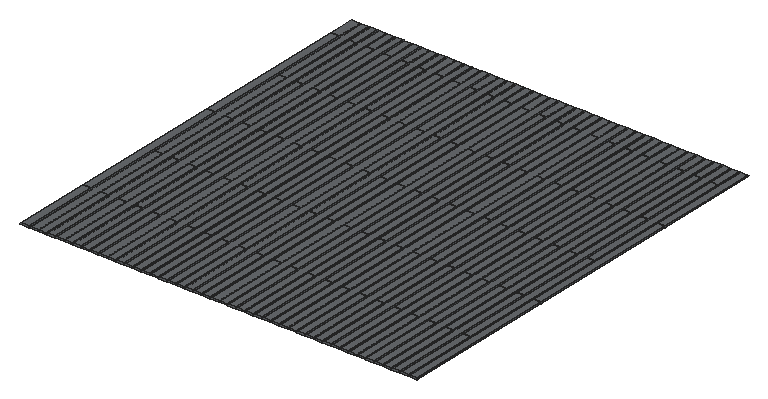
Revit family "2715-3, Veneer", category Generic Models, host Ceiling, Revit 2020
Family settings
  Host = Ceiling
  Can host rebar = No
  Round Connector Dimension = Use Diameter
  Part Type = Normal
  Always vertical = Yes
  Cut with Voids When Loaded = No
  Shared = No
  Room Calculation Point = No
Parameters
  OC SPACING [instance] = 0' - 4"  # constant formula
  PROJECT WIDTH [instance] = 15' - 0"
  PROJECT LENGTH [instance] = 16' - 0"
  PANELS COUNT 2 [instance] = rounddown((PROJECT LENGTH - .. MEMBER LENGTH 3) / .. MEMBER LENGTH 2)  # 2
  PANELS COUNT [instance] = rounddown(PROJECT LENGTH / .. MEMBER LENGTH 2)  # 2
  MEMBER WIDTH COUNT 2 [instance] = (PROJECT WIDTH / OC SPACING) / 2  # 23
  .. MEMBER WIDTH COUNT [instance] = (PROJECT WIDTH / OC SPACING) / 2  # 23
  .. MEMBER MATERIAL [instance] = 9WOOD WESTERN HEMLOCK
  .. MEMBER LENGTH 4 [instance] = ((PROJECT LENGTH - .. MEMBER LENGTH 3) - (PANELS COUNT 2 * .. MEMBER LENGTH 2))  # 1' - 0"
  .. MEMBER LENGTH 3 [instance] = .. MEMBER LENGTH 2 / 2  # 3' - 0"
  Default Elevation = 0' - 0"
  .. MEMBER WIDTH [instance] = OC SPACING + 0' 0 15/32"  # 0' - 4 15/32"
  .. MEMBER LENGTH 2 [instance] = 6' - 0"
  .. MEMBER LENGTH [instance] = PROJECT LENGTH - (PANELS COUNT * .. MEMBER LENGTH 2)  # 4' - 0"
  .. MEMBER DEPTH [instance] = 0' - 0 3/4"  # constant formula
Reference planes (in)
  plane 1 "Center (Front/Back)": y = 0
  plane 2 "Ceiling": z = 96
  plane 3 "Center (Left/Right)": x = 0
  plane 4: y = 72
  plane 5: y = 144
  plane 6: y = 108
  plane 7: y = 36
  plane 8: y = 192
  plane 9: y = 144
  plane 10: y = 180
  plane 11: x = 180
  plane 12: x = 4
Dimensions and locks (in)
  equal spacing: host sketch curve, plane 3 "Center (Left/Right)", host sketch curve
  equal spacing: host sketch curve, plane 1 "Center (Front/Back)", host sketch curve
  host sketch curve to host sketch curve = 10' - 0"  (x2)
  group 1 to group 2 = 0' - 0"  (x2)
  group 1 to group 2 = 6' - 0"
  ".. MEMBER LENGTH 2": plane 5 to plane 4
  ".. MEMBER LENGTH 2": plane 6 to plane 7
  "PROJECT LENGTH": plane 1 "Center (Front/Back)" to plane 8
  group 3 to group 4 = 0' - 0"  (x2)
  group 3 to group 4 = 6' - 0"
  ".. MEMBER LENGTH 3": plane 1 "Center (Front/Back)" to plane 7
  ".. MEMBER LENGTH 2": plane 1 "Center (Front/Back)" to plane 4
  ".. MEMBER LENGTH": plane 8 to plane 9
  ".. MEMBER LENGTH 4": plane 8 to plane 10
  "PROJECT WIDTH": plane 3 "Center (Left/Right)" to plane 11
  "OC SPACING": plane 3 "Center (Left/Right)" to plane 12
  aligned and locked: plane 1 "Center (Front/Back)" to nested 1
  aligned and locked: plane 4 to nested 2
  aligned and locked: nested 4 to plane 4
  aligned and locked: plane 7 to nested 3
  aligned and locked: plane 6 to nested 3
  aligned and locked: nested 6 to plane 6
  aligned and locked: nested 5 to plane 9
  aligned and locked: nested 7 to plane 10
  aligned and locked: plane 12 to nested 2
  aligned and locked: plane 12 to nested 4
  aligned and locked: plane 12 to nested 5
Nested families (in)
  nested 1: "(COPY 1) 2300 STAGGERED" at (0, 0, 85.44644), .. MEMBER DEPTH <- ".. MEMBER DEPTH", .. MEMBER WIDTH <- ".. MEMBER WIDTH", MEMBER LENGTH <- ".. MEMBER LENGTH 3", REVEAL <- "OC SPACING", MEMBER 1 COUNT <- ".. MEMBER WIDTH COUNT", .. MEMBER MATERIAL <- ".. MEMBER MATERIAL", type "(COPY 1) 2300 STAGGERED"
    with REVEAL X2 0' - 8", REVEAL 0' - 4", MEMBER LENGTH 2 1' - 6", MEMBER LENGTH 3' - 0", MEMBER COUNT 2 5, MEMBER 1 COUNT 23, INDENT 0' - 0 5/8", .. MEMBER WIDTH 0' - 4 15/32", .. MEMBER MATERIAL 9WOOD WESTERN HEMLOCK, .. MEMBER DEPTH 0' - 0 3/4"
  nested 2: "(COPY 1) 2300 STAGGERED" at (4, 0, 85.44644), .. MEMBER DEPTH <- ".. MEMBER DEPTH", .. MEMBER WIDTH <- ".. MEMBER WIDTH", MEMBER LENGTH <- ".. MEMBER LENGTH 2", MEMBER 1 COUNT <- "MEMBER WIDTH COUNT 2", REVEAL <- "OC SPACING", .. MEMBER MATERIAL <- ".. MEMBER MATERIAL", type "(COPY 1) 2300 STAGGERED"
    with REVEAL X2 0' - 8", REVEAL 0' - 4", MEMBER LENGTH 2 3' - 0", MEMBER LENGTH 6' - 0", MEMBER COUNT 2 5, MEMBER 1 COUNT 23, INDENT 0' - 0 5/8", .. MEMBER WIDTH 0' - 4 15/32", .. MEMBER MATERIAL 9WOOD WESTERN HEMLOCK, .. MEMBER DEPTH 0' - 0 3/4"
  nested 3: "(COPY 1) 2300 STAGGERED" at (0, 36, 85.44644), .. MEMBER DEPTH <- ".. MEMBER DEPTH", .. MEMBER WIDTH <- ".. MEMBER WIDTH", MEMBER LENGTH <- ".. MEMBER LENGTH 2", MEMBER 1 COUNT <- ".. MEMBER WIDTH COUNT", REVEAL <- "OC SPACING", .. MEMBER MATERIAL <- ".. MEMBER MATERIAL", type "(COPY 1) 2300 STAGGERED"
    with REVEAL X2 0' - 8", REVEAL 0' - 4", MEMBER LENGTH 2 3' - 0", MEMBER LENGTH 6' - 0", MEMBER COUNT 2 5, MEMBER 1 COUNT 23, INDENT 0' - 0 5/8", .. MEMBER WIDTH 0' - 4 15/32", .. MEMBER MATERIAL 9WOOD WESTERN HEMLOCK, .. MEMBER DEPTH 0' - 0 3/4"
  nested 4: "(COPY 1) 2300 STAGGERED" at (4, 72, 85.44644), .. MEMBER DEPTH <- ".. MEMBER DEPTH", .. MEMBER WIDTH <- ".. MEMBER WIDTH", MEMBER LENGTH <- ".. MEMBER LENGTH 2", MEMBER 1 COUNT <- "MEMBER WIDTH COUNT 2", REVEAL <- "OC SPACING", .. MEMBER MATERIAL <- ".. MEMBER MATERIAL", type "(COPY 1) 2300 STAGGERED"
    with REVEAL X2 0' - 8", REVEAL 0' - 4", MEMBER LENGTH 2 3' - 0", MEMBER LENGTH 6' - 0", MEMBER COUNT 2 5, MEMBER 1 COUNT 23, INDENT 0' - 0 5/8", .. MEMBER WIDTH 0' - 4 15/32", .. MEMBER MATERIAL 9WOOD WESTERN HEMLOCK, .. MEMBER DEPTH 0' - 0 3/4"
  nested 5: "(COPY 1) 2300 STAGGERED" at (4, 144, 85.44644), .. MEMBER DEPTH <- ".. MEMBER DEPTH", .. MEMBER WIDTH <- ".. MEMBER WIDTH", MEMBER LENGTH <- ".. MEMBER LENGTH", REVEAL <- "OC SPACING", MEMBER 1 COUNT <- "MEMBER WIDTH COUNT 2", .. MEMBER MATERIAL <- ".. MEMBER MATERIAL", type "(COPY 1) 2300 STAGGERED"
    with REVEAL X2 0' - 8", REVEAL 0' - 4", MEMBER LENGTH 2 2' - 0", MEMBER LENGTH 4' - 0", MEMBER COUNT 2 5, MEMBER 1 COUNT 23, INDENT 0' - 0 5/8", .. MEMBER WIDTH 0' - 4 15/32", .. MEMBER MATERIAL 9WOOD WESTERN HEMLOCK, .. MEMBER DEPTH 0' - 0 3/4"
  nested 6: "(COPY 1) 2300 STAGGERED" at (0, 108, 85.44644), .. MEMBER DEPTH <- ".. MEMBER DEPTH", .. MEMBER WIDTH <- ".. MEMBER WIDTH", MEMBER LENGTH <- ".. MEMBER LENGTH 2", MEMBER 1 COUNT <- ".. MEMBER WIDTH COUNT", REVEAL <- "OC SPACING", .. MEMBER MATERIAL <- ".. MEMBER MATERIAL", type "(COPY 1) 2300 STAGGERED"
    with REVEAL X2 0' - 8", REVEAL 0' - 4", MEMBER LENGTH 2 3' - 0", MEMBER LENGTH 6' - 0", MEMBER COUNT 2 5, MEMBER 1 COUNT 23, INDENT 0' - 0 5/8", .. MEMBER WIDTH 0' - 4 15/32", .. MEMBER MATERIAL 9WOOD WESTERN HEMLOCK, .. MEMBER DEPTH 0' - 0 3/4"
  nested 7: "(COPY 1) 2300 STAGGERED" at (0, 180, 85.44644), .. MEMBER DEPTH <- ".. MEMBER DEPTH", .. MEMBER WIDTH <- ".. MEMBER WIDTH", MEMBER LENGTH <- ".. MEMBER LENGTH 4", REVEAL <- "OC SPACING", MEMBER 1 COUNT <- ".. MEMBER WIDTH COUNT", .. MEMBER MATERIAL <- ".. MEMBER MATERIAL", type "(COPY 1) 2300 STAGGERED"
    with REVEAL X2 0' - 8", REVEAL 0' - 4", MEMBER LENGTH 2 0' - 6", MEMBER LENGTH 1' - 0", MEMBER COUNT 2 3, MEMBER 1 COUNT 23, INDENT 0' - 0 5/8", .. MEMBER WIDTH 0' - 4 15/32", .. MEMBER MATERIAL 9WOOD WESTERN HEMLOCK, .. MEMBER DEPTH 0' - 0 3/4"
Definition of nested family "(COPY 1) 2300 STAGGERED"
  Parameters (values of type "(COPY 1) 2300 STAGGERED")
    REVEAL X2 [instance] = REVEAL * 2  # 0' - 8"
    REVEAL [instance] = 0' - 4"
    MEMBER LENGTH 2 [instance] = MEMBER LENGTH / 2  # 3' - 0"
    MEMBER LENGTH [instance] = 6' - 0"
    MEMBER COUNT 2 [instance] = 5
    MEMBER 1 COUNT [instance] = 5
    INDENT [instance] = 0' - 0 5/8"
    Default Elevation = 0' - 0"
    .. MEMBER WIDTH [instance] = 0' - 3 1/4"
    .. MEMBER MATERIAL [instance] = none
    .. MEMBER DEPTH [instance] = 0' - 0 3/4"
  Reference planes (in)
    plane 1 "Center (Front/Back)": y = 0
    plane 2: z = 0
    plane 3 "Center (Left/Right)": x = 0
    plane 4: x = 8
    plane 5: x = 4
    plane 6: x = 12
  Dimensions and locks (in)
    "REVEAL X2": plane 3 "Center (Left/Right)" to plane 4
    "REVEAL": plane 3 "Center (Left/Right)" to plane 5
    "REVEAL X2": plane 5 to plane 6
    equal spacing: group 1, group 2, group 3, group 4, group 5  (x3)
    aligned and locked: plane 2 to level
    aligned and locked: plane 1 "Center (Front/Back)" to nested 1
    aligned and locked: plane 3 "Center (Left/Right)" to nested 1
    aligned and locked: plane 4 to nested 2
  Nested families (in)
    nested 1: "2300 DEV" at (-0.42392, 0, 0), MEMBER LENGTH <- "MEMBER LENGTH", MEMBER MATERIAL <- ".. MEMBER MATERIAL", MEMBER WIDTH <- ".. MEMBER WIDTH", type "2300 DEV"
      with MEMBER WIDTH 0' - 3 1/4", MEMBER MATERIAL none, MEMBER LENGTH 6' - 0", EXTRUSION -6' - 0"
    nested 2: "2300 DEV" at (7.57608, 0, 0), MEMBER LENGTH <- "MEMBER LENGTH", MEMBER MATERIAL <- ".. MEMBER MATERIAL", MEMBER WIDTH <- ".. MEMBER WIDTH", type "2300 DEV"
      with MEMBER WIDTH 0' - 3 1/4", MEMBER MATERIAL none, MEMBER LENGTH 6' - 0", EXTRUSION -6' - 0"
    nested 3: "2300 DEV" at (15.57608, 0, 0), MEMBER LENGTH <- "MEMBER LENGTH", MEMBER MATERIAL <- ".. MEMBER MATERIAL", MEMBER WIDTH <- ".. MEMBER WIDTH", type "2300 DEV"
      with MEMBER WIDTH 0' - 3 1/4", MEMBER MATERIAL none, MEMBER LENGTH 6' - 0", EXTRUSION -6' - 0"
    nested 4: "2300 DEV" at (23.57608, 0, 0), MEMBER LENGTH <- "MEMBER LENGTH", MEMBER MATERIAL <- ".. MEMBER MATERIAL", MEMBER WIDTH <- ".. MEMBER WIDTH", type "2300 DEV"
      with MEMBER WIDTH 0' - 3 1/4", MEMBER MATERIAL none, MEMBER LENGTH 6' - 0", EXTRUSION -6' - 0"
    nested 5: "2300 DEV" at (31.57608, 0, 0), MEMBER LENGTH <- "MEMBER LENGTH", MEMBER MATERIAL <- ".. MEMBER MATERIAL", MEMBER WIDTH <- ".. MEMBER WIDTH", type "2300 DEV"
      with MEMBER WIDTH 0' - 3 1/4", MEMBER MATERIAL none, MEMBER LENGTH 6' - 0", EXTRUSION -6' - 0"
  Definition of nested family "2300 DEV"
    Parameters (values of type "2300 DEV")
      MEMBER WIDTH [instance] = 0' - 2 1/4"
      MEMBER MATERIAL [instance] = none
      MEMBER LENGTH [instance] = 2' - 6"
      EXTRUSION [instance] = -1 * MEMBER LENGTH  # -2' - 6"
      Default Elevation = 0' - 0"
    Reference planes (in)
      plane 1 "Center (Front/Back)": y = 0
      plane 2: z = 10.55356
      plane 3 "Center (Left/Right)": x = 0
      plane 4: y = 30
      plane 5: z = 10.55356
      plane 6: x = 0.42392
      plane 7: x = 2.67392
      plane 8: x = 2.9446
    Forms (in)
      Extrusion 1, void, not visible
        sketch origin (-0.375, 0, 0) x (1, 0, 0) y (0, 0, 1)
          loop
            line (4.125, 11.30356) -> (4.125, 11.17856) -> (4.0625, 11.11606) -> (3.75, 11.11606) -> (3.75, 10.92856) -> (4.25, 10.92856) -> (4.65478, 10.92856) -> (4.65478, 11.30356) -> (4.25, 11.30356) -> (4.125, 11.30356)
        from 0 to 30
      Extrusion 2, void, not visible
        sketch origin (4.5, 0, 0) x (-1, 0, 0) y (0, 0, 1)
          loop
            line (4.5, 11.30356) -> (4.25, 11.30356) -> (4.25, 11.17856) -> (4.1875, 11.11606) -> (3.875, 11.11606) -> (3.875, 10.92856) -> (4.78125, 10.92856) -> (4.78125, 11.30356) -> (4.5, 11.30356)
        from 0 to 30
      Extrusion 3, void, not visible
        sketch origin (0, 0, 0) x (1, 0, 0) y (0, 0, 1)
          loop
            line (2.53125, 10.55356) -> (2, 10.55356) -> (2, 10.42856) -> (1.9375, 10.36606) -> (1.625, 10.36606) -> (1.625, 10.17856) -> (2.53125, 10.17856) -> (2.53125, 10.55356)
        from 0 to 12
      Extrusion 4, void, not visible
        sketch origin (0, 0, 0) x (1, 0, 0) y (0, 0, 1)
          loop
            line (8.60291, 10.17856) -> (8.60291, 9.99106) -> (8.54041, 9.92856) -> (9.17917, 9.92856) -> (9.17917, 10.55356) -> (8.56291, 10.55356) -> (8.56291, 10.38856) -> (8.80041, 10.38856)
            arc (8.80041, 10.38856) -> (8.8446, 10.37025) -> (8.86291, 10.32606) r 0.0625
            line (8.86291, 10.32606) -> (8.86291, 10.24106)
            arc (8.86291, 10.24106) -> (8.8446, 10.19686) -> (8.80041, 10.17856) r 0.0625
            line (8.80041, 10.17856) -> (8.60291, 10.17856)
        from 0 to -30
      Extrusion 5, void, not visible
        sketch origin (-0.54718, 0, 0) x (1, 0, 0) y (0, 0, 1)
          loop
            line (8.60291, 10.17856) -> (8.60291, 9.99106) -> (8.60291, 9.52296) -> (9.17917, 9.52296) -> (9.17917, 9.92856) -> (9.17917, 10.55356) -> (8.56291, 10.55356) -> (8.56291, 10.38856) -> (8.80041, 10.38856)
            arc (8.80041, 10.38856) -> (8.8446, 10.37025) -> (8.86291, 10.32606) r 0.0625
            line (8.86291, 10.32606) -> (8.86291, 10.24106)
            arc (8.86291, 10.24106) -> (8.8446, 10.19686) -> (8.80041, 10.17856) r 0.0625
            line (8.80041, 10.17856) -> (8.60291, 10.17856)
        from 0 to -30 <- "EXTRUSION"
      Extrusion 6, void, not visible
        sketch origin (-5.34896, -6, 0) x (1, 0, 0) y (0, 0, 1)
          loop
            line (5.92291, 10.42856) -> (5.60328, 10.42856) -> (5.60328, 10.55356) -> (5.34896, 10.55356) -> (5.34896, 9.92856) -> (5.34896, 9.52296) -> (5.60291, 9.52296) -> (5.60291, 9.99136) -> (5.60291, 10.17856) -> (5.92291, 10.17856) -> (5.92291, 10.42856)
        from 0 to -30 <- "EXTRUSION"
      Extrusion 7, void
        sketch origin (-5.44511, 0, 0) x (1, 0, 0) y (0, 0, 1)
          loop
            line (8.11903, 10.67856) -> (8.11903, 10.55356) -> (7.74403, 10.55356) -> (7.74403, 10.49356) -> (8.11903, 10.49356) -> (8.11903, 10.36606) -> (7.61903, 10.36606) -> (7.61903, 10.17856) -> (7.83778, 10.17856) -> (7.83778, 9.94418) -> (7.59973, 9.70614) -> (8.38971, 9.70614) -> (8.38971, 10.67856) -> (8.11903, 10.67856)
        from 0 to -30 <- "EXTRUSION"
      Extrusion 8, solid, material <- "MEMBER MATERIAL"
        sketch origin (-4.22636, 0, 0) x (1, 0, 0) y (0, 0, 1)
          loop
            line (4.65028, 10.67856) -> (4.65028, 9.92856) -> (6.90028, 9.92856) -> (6.90028, 10.67856) -> (4.65028, 10.67856)
        from 0 to -30
      Extrusion 9, void, not visible
        sketch origin (1.21875, 0, 0) x (1, 0, 0) y (0, 0, 1)
          loop
            line (11.11903, 10.67856) -> (11.11903, 10.55356) -> (10.74403, 10.55356) -> (10.74403, 10.49356) -> (11.11903, 10.49356) -> (11.11903, 10.36606) -> (10.61903, 10.36606) -> (10.61903, 10.17856) -> (10.83778, 10.17856) -> (10.83778, 9.94418) -> (10.59973, 9.70614) -> (11.38971, 9.70614) -> (11.38971, 10.67856) -> (11.11903, 10.67856)
        from 0 to -30 <- "EXTRUSION"
      Extrusion 10, void
        sketch origin (-4.22636, 0, 0) x (1, 0, 0) y (0, 0, 1)
          loop
            line (5.15028, 10.67856) -> (4.22636, 10.67856) -> (4.22636, 9.70614) -> (5.13833, 9.70614) -> (4.90028, 9.94418) -> (4.90028, 10.17856) -> (4.65028, 10.17856) -> (4.65028, 10.33481) -> (5.15028, 10.33481) -> (5.15028, 10.67856)
        from 0 to -30 <- "EXTRUSION"
      Extrusion 11, void, not visible
        sketch origin (-8.44511, 0, 0) x (1, 0, 0) y (0, 0, 1)
          loop
            line (11.11903, 10.67856) -> (11.11903, 10.55356) -> (10.74403, 10.55356) -> (10.74403, 10.49356) -> (11.11903, 10.49356) -> (11.11903, 10.36606) -> (10.61903, 10.36606) -> (10.61903, 10.17856) -> (10.83778, 10.17856) -> (10.83778, 9.94418) -> (10.59973, 9.70614) -> (11.38971, 9.70614) -> (11.38971, 10.67856) -> (11.11903, 10.67856)
        from 0 to -30 <- "EXTRUSION"
    Cuts and joins
      Extrusion 7, Extrusion 10 cuts Extrusion 8
    Lines and regions (in)
      model lines, not visible
        curve 1: line (9.45582, 0, 10.55356) -> (14.70582, 0, 10.55356)
        curve 2: line (14.70582, 0, 10.55356) -> (14.70582, 0, 10.92856)
        curve 3: line (14.70582, 0, 10.92856) -> (14.20582, 0, 10.92856)
        curve 4: line (14.20582, 0, 10.92856) -> (14.20582, 0, 11.11606)
        curve 5: line (14.20582, 0, 11.11606) -> (14.51832, 0, 11.11606)
        curve 6: line (14.58082, 0, 11.30356) -> (14.58082, 0, 11.17856)
        curve 7: line (14.58082, 0, 11.17856) -> (14.51832, 0, 11.11606)
        curve 8: line (14.58082, 0, 11.30356) -> (9.58082, 0, 11.30356)
        curve 9: line (9.45582, 0, 10.55356) -> (9.45582, 0, 10.92856)
        curve 10: line (9.45582, 0, 10.92856) -> (9.95582, 0, 10.92856)
        curve 11: line (9.95582, 0, 10.92856) -> (9.95582, 0, 11.11606)
        curve 12: line (9.95582, 0, 11.11606) -> (9.64332, 0, 11.11606)
        curve 13: line (9.58082, 0, 11.30356) -> (9.58082, 0, 11.17856)
        curve 14: line (9.58082, 0, 11.17856) -> (9.64332, 0, 11.11606)
        curve 15: line (5.25, 0, 10.55356) -> (5.25, 0, 10.92856)
        curve 16: line (5.25, 0, 10.92856) -> (4.75, 0, 10.92856)
        curve 17: line (4.75, 0, 10.92856) -> (4.75, 0, 11.11606)
        curve 18: line (4.75, 0, 11.11606) -> (5.0625, 0, 11.11606)
        curve 19: line (5.125, 0, 11.30356) -> (5.125, 0, 11.17856)
        curve 20: line (5.125, 0, 11.17856) -> (5.0625, 0, 11.11606)
    Dimensions and locks (in)
      "MEMBER LENGTH": plane 1 "Center (Front/Back)" to plane 4
      locked: plane 8 to plane 7 at 0.27068
      "MEMBER WIDTH": plane 7 to plane 6
      locked: plane 6 to plane 3 "Center (Left/Right)" at 0.42392
      aligned and locked: level to plane 2
      aligned and locked: plane 6 to Extrusion 8
      aligned and locked: plane 7 to Extrusion 8
      aligned and locked: plane 4 to Extrusion 8
      aligned and locked: plane 8 to cut or joined group of Extrusion 7, Extrusion 8, Extrusion 10
      aligned and locked: plane 7 to cut or joined group of Extrusion 7, Extrusion 8, Extrusion 10
    Automatic sketch dimensions
      Extrusion 1 sketch curve to Extrusion 1 sketch curve = 0' - 0 1/16"  (x2)
      Extrusion 1 sketch curve to Extrusion 1 sketch curve = 0' - 0.40478"
      Extrusion 1 sketch curve to Extrusion 1 sketch curve = 0' - 0 3/16"  (x2)
      Extrusion 1 sketch curve to Extrusion 1 sketch curve = 0' - 0 1/8"  (x2)
      Extrusion 1 sketch curve to Extrusion 1 sketch curve = 0' - 0 5/16"
      Extrusion 2 sketch curve to Extrusion 2 sketch curve = 0' - 0 3/16"  (x2)
      Extrusion 2 sketch curve to Extrusion 2 sketch curve = 0' - 0 1/16"  (x2)
      Extrusion 2 sketch curve to Extrusion 2 sketch curve = 0' - 0 9/32"
      Extrusion 2 sketch curve to Extrusion 2 sketch curve = 0' - 0 1/4"
      Extrusion 2 sketch curve to Extrusion 2 sketch curve = 0' - 0 5/16"
      Extrusion 3 sketch curve to Extrusion 3 sketch curve = 0' - 0 5/16"
      Extrusion 3 sketch curve to Extrusion 3 sketch curve = 0' - 0 1/16"  (x2)
      Extrusion 3 sketch curve to Extrusion 3 sketch curve = 0' - 0 3/16"
      Extrusion 3 sketch curve to Extrusion 3 sketch curve = 0' - 0 17/32"
      Extrusion 3 sketch curve to Extrusion 3 sketch curve = 0' - 0 3/8"
      Extrusion 4 sketch curve to Extrusion 4 sketch curve = 0' - 0 1/16"  (x4)
      Extrusion 4 sketch curve to Extrusion 4 sketch curve = 0' - 0.1975"
      Extrusion 4 sketch curve to Extrusion 4 sketch curve = 0' - 0.2375"
      Extrusion 4 sketch curve to Extrusion 4 sketch curve = 0' - 0.085"
      Extrusion 4 sketch curve to Extrusion 4 sketch curve = 0' - 0 3/16"
      Extrusion 4 sketch curve to Extrusion 4 sketch curve = 0' - 0.31626"
      Extrusion 4 sketch curve to Extrusion 4 sketch curve = 0' - 0.2275"
      Extrusion 5 sketch curve to Extrusion 5 sketch curve = 0' - 0.04"
      Extrusion 5 sketch curve to Extrusion 5 sketch curve = 0' - 0.2375"
      Extrusion 5 sketch curve to Extrusion 5 sketch curve = 0' - 0"
      Extrusion 5 sketch curve to Extrusion 5 sketch curve = 0' - 0 1/16"
      Extrusion 5 sketch curve to Extrusion 5 sketch curve = 0' - 0.31626"
      Extrusion 5 sketch curve to Extrusion 5 sketch curve = 0' - 0.4681"
      Extrusion 5 sketch curve to Extrusion 5 sketch curve = 0' - 0 3/16"
      Extrusion 5 sketch curve to Extrusion 5 sketch curve = 0' - 0.085"
      Extrusion 5 sketch curve to Extrusion 5 sketch curve = 0' - 0.2275"
      Extrusion 5 sketch curve to Extrusion 5 sketch curve = 0' - 0.4056"
      Extrusion 6 sketch curve to Extrusion 6 sketch curve = 0' - 0.25395"
      Extrusion 6 sketch curve to Extrusion 6 sketch curve = 0' - 0.25432"
      Extrusion 6 sketch curve to Extrusion 6 sketch curve = 0' - 0.32"
      Extrusion 6 sketch curve to Extrusion 6 sketch curve = 0' - 0.4056"
      Extrusion 6 sketch curve to Extrusion 6 sketch curve = 0' - 0.06281"
      Extrusion 6 sketch curve to Extrusion 6 sketch curve = 0' - 0.18719"
      Extrusion 6 sketch curve to Extrusion 6 sketch curve = 0' - 0 1/4"
      Extrusion 6 sketch curve to Extrusion 6 sketch curve = 0' - 0 1/8"
      Extrusion 7 sketch curve to Extrusion 7 sketch curve = 0' - 0.0193"
      Extrusion 7 sketch curve to Extrusion 7 sketch curve = 0' - 0 1/8"  (x2)
      Extrusion 7 sketch curve to Extrusion 7 sketch curve = 0' - 0.23805"  (x2)
      Extrusion 7 sketch curve to Extrusion 7 sketch curve = 0' - 0 3/8"
      Extrusion 7 sketch curve to Extrusion 7 sketch curve = 0' - 0"
      Extrusion 7 sketch curve to Extrusion 7 sketch curve = 0' - 0.55193"
      Extrusion 8 sketch curve to Extrusion 8 sketch curve = 0' - 2 1/4"
      level to Extrusion 8 sketch curve = 0' - 0 1/8"
      Extrusion 7 sketch curve to Extrusion 7 sketch curve = 0' - 0 15/64"
      Extrusion 7 sketch curve to Extrusion 7 sketch curve = 0' - 0 3/16"
      Extrusion 7 sketch curve to Extrusion 7 sketch curve = 0' - 0.1275"
      Extrusion 7 sketch curve to Extrusion 7 sketch curve = 0' - 0.06"
      Extrusion 9 sketch curve to Extrusion 9 sketch curve = 0' - 0.0193"
      Extrusion 9 sketch curve to Extrusion 9 sketch curve = 0' - 0 1/8"  (x2)
      Extrusion 9 sketch curve to Extrusion 9 sketch curve = 0' - 0.23805"  (x2)
      Extrusion 9 sketch curve to Extrusion 9 sketch curve = 0' - 0 3/8"
      Extrusion 9 sketch curve to Extrusion 9 sketch curve = 0' - 0"
      Extrusion 9 sketch curve to Extrusion 9 sketch curve = 0' - 0.55193"
      Extrusion 9 sketch curve to Extrusion 9 sketch curve = 0' - 0 15/64"
      Extrusion 9 sketch curve to Extrusion 9 sketch curve = 0' - 0 3/16"
      Extrusion 9 sketch curve to Extrusion 9 sketch curve = 0' - 0.1275"
      Extrusion 9 sketch curve to Extrusion 9 sketch curve = 0' - 0.06"
      Extrusion 10 sketch curve to plane 6 = 0' - 0"
      plane 6 to Extrusion 10 sketch curve = 0' - 0 1/4"
      Extrusion 10 sketch curve to Extrusion 10 sketch curve = 0' - 0.23805"  (x2)
      level to Extrusion 10 sketch curve = 0' - 0 1/8"
      plane 6 to Extrusion 10 sketch curve = 0' - 0 1/2"
      Extrusion 8 sketch curve to plane 6 = 0' - 0"
      Extrusion 10 sketch curve to Extrusion 10 sketch curve = 0' - 0 15/64"
      Extrusion 10 sketch curve to level = 0' - 0 7/32"
      Extrusion 8 sketch curve to level = 0' - 0 5/8"
      Extrusion 10 sketch curve to Extrusion 10 sketch curve = 0' - 0 5/32"
      Extrusion 10 sketch curve to plane 3 "Center (Left/Right)" = 0' - 0"
      Extrusion 11 sketch curve to Extrusion 11 sketch curve = 0' - 0.0193"
      Extrusion 11 sketch curve to Extrusion 11 sketch curve = 0' - 0 1/8"  (x2)
      Extrusion 11 sketch curve to Extrusion 11 sketch curve = 0' - 0.23805"  (x2)
      Extrusion 11 sketch curve to Extrusion 11 sketch curve = 0' - 0 3/8"
      Extrusion 11 sketch curve to Extrusion 11 sketch curve = 0' - 0"
      Extrusion 11 sketch curve to Extrusion 11 sketch curve = 0' - 0.55193"
      Extrusion 11 sketch curve to Extrusion 11 sketch curve = 0' - 0 15/64"
      Extrusion 11 sketch curve to Extrusion 11 sketch curve = 0' - 0 3/16"
      Extrusion 11 sketch curve to Extrusion 11 sketch curve = 0' - 0.1275"
      Extrusion 11 sketch curve to Extrusion 11 sketch curve = 0' - 0.06"
      Extrusion 7 sketch curve to level = 0' - 0"
      Extrusion 7 sketch curve to plane 7 = 0' - 0"
